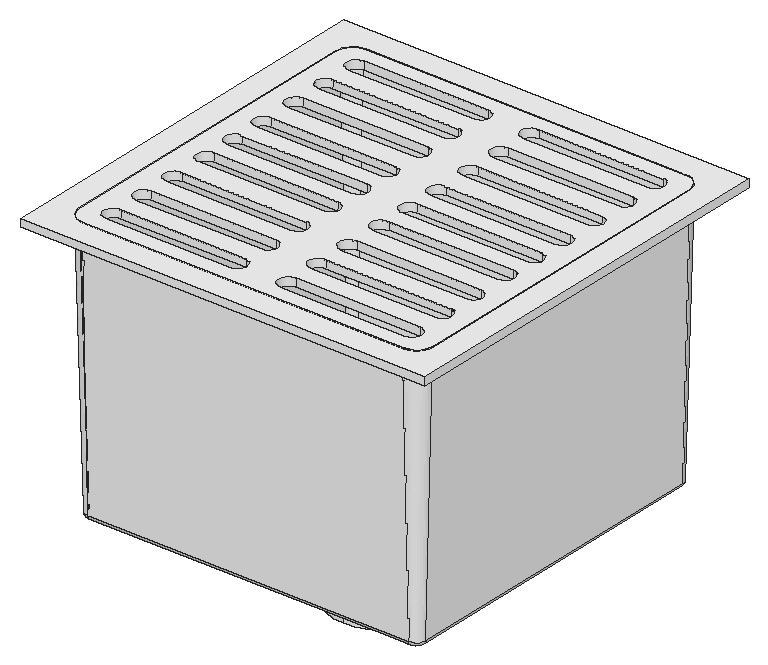
Revit family "FS730", category Plumbing Fixtures, host Face, Revit 2018
Family settings
  Host = Face
  Round Connector Dimension = Use Radius
  Part Type = Normal
  Cut with Voids When Loaded = No
  Shared = No
  Room Calculation Point = No
Parameters (values of type "PIPE SIZE_4" INSIDE CAULK (X) 10 5/8"")
  WFU = 0
  URL = "WWW.MIFAB.COM"
  Pipe Radius = Pipe Diameter / 2  # 0' - 1 1/2"
  Pipe Diameter = 0' - 3"
  Model = "FS730"
  Manufacturer = "MIFAB"
  Floor Drain Material = Paint - Sherwin Williams Paint - #952C2A - Bellwood Red
  Description = "12” x 12” 8” FLOOR AREA AND INDIRECT SANITARY WASTE DRAIN"
  Default Elevation = 0' - 0"
  CWFU = 0
  Body Height = 0' - 10 5/8"
  Assembly Code = ""
Types (10): name | Pipe Radius | Pipe Diameter | Body Height
  (no name) | 0' - 1 1/2" | 0' - 3" | 0' - 10 5/8"
  PIPE SIZE_2" NO HUB (STANDARD) 9 3/4" | 0' - 1" | 0' - 2" | 0' - 9 3/4"
  PIPE SIZE_3" NO HUB (STANDARD) 9 3/4" | 0' - 1 1/2" | 0' - 3" | 0' - 9 3/4"
  PIPE SIZE_4" NO HUB (STANDARD) 10 1/2" | 0' - 2" | 0' - 4" | 0' - 10 1/2"
  PIPE SIZE_2" PUSH ON (P) 10 7/8” | 0' - 1" | 0' - 2" | 0' - 10 7/8"
  PIPE SIZE_3" PUSH ON (P) 9 3/4” | 0' - 1 1/2" | 0' - 3" | 0' - 9 3/4"
  PIPE SIZE_4" PUSH ON (P) 10 7/8” | 0' - 2" | 0' - 4" | 0' - 10 7/8"
  PIPE SIZE_2" INSIDE CAULK (X) 12" | 0' - 1" | 0' - 2" | 1' - 0"
  PIPE SIZE_3" INSIDE CAULK (X) 12" | 0' - 1 1/2" | 0' - 3" | 1' - 0"
  PIPE SIZE_4" INSIDE CAULK (X) 10 5/8" | 0' - 1 1/2" | 0' - 3" | 0' - 10 5/8"
Reference planes (in)
  plane 1 "Center (Front/Back)": y = 0
  plane 2: z = 0
  plane 3 "Center (Left/Right)": x = 0
  plane 4: z = -3
  plane 5: z = -2.375
  plane 6: y = -1.5
  plane 7: y = 1.5
  plane 8: z = -8
  plane 9: z = -10.625
  plane 10: x = -6
  plane 11: x = 6
  plane 12: y = 6
  plane 13: y = -6
  plane 14: x = -5.25
  plane 15: x = 5.25
  plane 16: y = 5.25
  plane 17: y = -5.25
  plane 18: z = -0.23071
Forms (in)
  Revolve 1, solid, material "Paint - Sherwin Williams Paint - #952C2A - Bellwood Red" <- "Floor Drain Material"
    sketch origin (0, 0.04396, -2.375) x (0, 1, 0) y (0, 0, 1)
      loop
        line (-1.54396, -5.625) -> (-1.54396, -8.25) -> (-1.34474, -8.25) -> (-1.34474, -5.625) -> (-1.54396, -5.625)
      axis (-0.04396, -8.25) -> (-0.04396, -5.625)
    angle from 0 to 360
  Sweep 2, solid, material "Paint - Sherwin Williams Paint - #952C2A - Bellwood Red" <- "Floor Drain Material"
    path origin (0, 0, 0) x (1, 0, 0) y (0, 1, 0)
      loop
        arc (5.25, 4.75) -> (5.10355, 5.10355) -> (4.75, 5.25) r 0.5
        line (4.75, 5.25) -> (-4.75, 5.25)
        arc (-4.75, 5.25) -> (-5.10355, 5.10355) -> (-5.25, 4.75) r 0.5
        line (-5.25, 4.75) -> (-5.25, -4.75)
        arc (-5.25, -4.75) -> (-5.10355, -5.10355) -> (-4.75, -5.25) r 0.5
        line (-4.75, -5.25) -> (4.75, -5.25)
        arc (4.75, -5.25) -> (5.10355, -5.10355) -> (5.25, -4.75) r 0.5
        line (5.25, -4.75) -> (5.25, 4.75)
    profile origin (5.25, 0, 0) x (1, 0, 0) y (0, 0, 1)
      loop
        line (0.00022, -0.23071) -> (-0.118, -0.23071) -> (-0.32165, -7.81911)
        arc (-0.32165, -7.81911) -> (-0.34114, -7.86362) -> (-0.38616, -7.88191) r 0.06454
        line (-0.38616, -7.88191) -> (-0.49037, -7.88191) -> (-0.49037, -8) -> (-0.31985, -8)
        arc (-0.31985, -8) -> (-0.23991, -7.96751) -> (-0.20529, -7.88847) r 0.1146
        line (-0.20529, -7.88847) -> (0.00022, -0.23071)
  Extrusion 3, solid, material "Paint - Sherwin Williams Paint - #952C2A - Bellwood Red" <- "Floor Drain Material"
    sketch origin (0, 0, 0) x (1, 0, 0) y (0, 1, 0)
      loop
        line (-6, 6) -> (-6, -6) -> (6, -6) -> (6, 6) -> (-6, 6)
      loop
        arc (-4.75, 5.25) -> (-5.10371, 5.10371) -> (-5.25, 4.75) r 0.50022
        line (-5.25, 4.75) -> (-5.25022, -4.75)
        arc (-5.25022, -4.75) -> (-5.10371, -5.10371) -> (-4.75, -5.25) r 0.50022
        line (-4.75, -5.25) -> (4.75, -5.25022)
        arc (4.75, -5.25022) -> (5.10371, -5.10371) -> (5.25, -4.75) r 0.50022
        line (5.25, -4.75) -> (5.25022, 4.75)
        arc (5.25022, 4.75) -> (5.10371, 5.10371) -> (4.75, 5.25) r 0.50022
        line (4.75, 5.25) -> (-4.75, 5.25)
    from -0.23071 to 0
  Extrusion 4, solid, material "Paint - Sherwin Williams Paint - #952C2A - Bellwood Red" <- "Floor Drain Material"
    sketch origin (0, 0, 0) x (1, 0, 0) y (0, 1, 0)
      loop
        line (-4.75963, -4.75963) -> (4.75963, -4.75963) -> (4.75963, 4.75963) -> (-4.75963, 4.75963) -> (-4.75963, -4.75963)
    from -8 to -7.88191
Lines and regions (in)
  model lines, not visible
    curve 1: line (6.7156, 0, 9.07611) -> (12.5156, 0, 9.07611)
    curve 2: line (12.5156, 0, 9.07611) -> (12.5156, 0, 10.82611)
    curve 3: line (12.5156, 0, 10.82611) -> (6.7156, 0, 10.82611)
    curve 4: line (6.7156, 0, 10.82611) -> (6.7156, 0, 9.07611)
    curve 5: line (7.13163, 0, 10.86539) -> (7.13163, 0, 12.86539)
    curve 6: line (7.13163, 0, 12.86539) -> (15.53163, 0, 12.86539)
    curve 7: line (15.53163, 0, 12.86539) -> (15.53163, 0, 10.86539)
    curve 8: line (11.33163, 0, 12.86539) -> (11.33163, 0, 12.36539)
    curve 9: line (10.38306, 10.17879, 0) -> (10.38306, 12.67879, 0)
    curve 10: line (10.38306, 12.67879, 0) -> (20.88306, 12.67879, 0)
    curve 11: line (20.88306, 12.67879, 0) -> (20.88306, 10.17879, 0)
    curve 12: line (15.63306, 12.67879, 0) -> (15.63306, 10.92879, 0)
Dimensions and locks (in)
  equal spacing: plane 7, plane 1 "Center (Front/Back)", plane 6
  "Pipe Diameter": plane 7 to plane 6
  "Pipe Radius": plane 1 "Center (Front/Back)" to plane 6
  plane 2 to plane 9 = 0' - 10 5/8"
  locked: level to plane 8 at 8
  equal spacing: plane 10, plane 3 "Center (Left/Right)", plane 11
  plane 10 to plane 11 = 1' - 0"
  equal spacing: plane 12, plane 1 "Center (Front/Back)", plane 13
  plane 12 to plane 13 = 1' - 0"
  equal spacing: plane 14, plane 3 "Center (Left/Right)", plane 15
  plane 14 to plane 15 = 0' - 10 1/2"
  equal spacing: plane 17, plane 1 "Center (Front/Back)", plane 16
  plane 17 to plane 16 = 0' - 10 1/2"
  locked: plane 2 to plane 18 at 0.23071
  "Body Height": plane 2 to plane 9
  aligned and locked: plane 2 to host face
  aligned and locked: level to host face
  aligned and locked: Revolve 1 sketch curve to plane 9
  aligned and locked: Revolve 1 sketch curve to plane 8
  aligned and locked: plane 15 to Sweep 2 sketch curve
  aligned and locked: Sweep 2 sketch curve to plane 16
  aligned and locked: Sweep 2 sketch curve to plane 14
  aligned and locked: plane 17 to Sweep 2 sketch curve
  aligned and locked: plane 12 to Extrusion 3 sketch curve
  aligned and locked: plane 10 to Extrusion 3 sketch curve
  aligned and locked: plane 13 to Extrusion 3 sketch curve
  aligned and locked: plane 11 to Extrusion 3 sketch curve
  aligned and locked: Extrusion 3 sketch curve to Sweep 2  (x4)
  aligned and locked: plane 18 to Sweep 2 sketch curve
  aligned and locked: Extrusion 3 to Sweep 2
  aligned and locked: level to Extrusion 3
  aligned and locked: Sweep 2 sketch curve to plane 8
  aligned and locked: Extrusion 4 to Revolve 1
  aligned and locked: Sweep 2 to Extrusion 4
  aligned and locked: Extrusion 4 sketch curve to Sweep 2  (x4)
  aligned and locked: plane 1 "Center (Front/Back)" to nested 1
  aligned and locked: plane 3 "Center (Left/Right)" to nested 1
  aligned and locked: plane 2 to Extrusion 3
Automatic sketch dimensions
  host sketch curve to host sketch curve = 8' - 0"  (x2)
  curve 5 to curve 7 = 0' - 8.4"
  curve 5 to curve 8 = 0' - 4.2"
  curve 5 to curve 5 = 0' - 2"
  curve 7 to curve 6 = 0' - 2"
  curve 8 to curve 8 = 0' - 0 1/2"
  Revolve 1 sketch curve to plane 6 = 0' - 0"
  Revolve 1 sketch curve to plane 1 "Center (Front/Back)" = 0' - 0"
  Revolve 1 sketch curve to plane 6 = 0' - 0 51/256"
  plane 9 to Revolve 1 sketch curve = 0' - 0 1/8"
  Revolve 1 sketch curve to plane 8 = 0' - 1 1/4"
  plane 14 to Sweep 2 sketch curve = 0' - 0 1/2"  (x2)
  Sweep 2 sketch curve to Sweep 2 sketch curve = 0' - 0 1/2"  (x2)
  Extrusion 3 sketch curve to plane 16 = 0' - 0"
  Extrusion 3 sketch curve to plane 17 = 0' - 0"
  Extrusion 3 sketch curve to plane 14 = 0' - 0"
  Extrusion 3 sketch curve to plane 15 = 0' - 0"
  plane 10 to Extrusion 3 sketch curve = 0' - 1 1/4"  (x2)
  plane 11 to Extrusion 3 sketch curve = 0' - 1 1/4"  (x2)
  plane 13 to Extrusion 3 sketch curve = 0' - 1 1/4"  (x2)
  plane 12 to Extrusion 3 sketch curve = 0' - 1 1/4"  (x2)
  profile plane to Sweep 2 sketch curve = 0' - 0.49037"
  Sweep 2 sketch curve to Sweep 2 sketch curve = 0' - 0.1042"
  Sweep 2 sketch curve to Sweep 2 sketch curve = 0' - 0.06451"
  Sweep 2 sketch curve to Sweep 2 sketch curve = 0' - 0.06631"
  Sweep 2 sketch curve to Sweep 2 sketch curve = 0' - 0.11456"
  profile plane to Sweep 2 sketch curve = 0' - 0.118"
  Sweep 2 sketch curve to profile plane = 0' - 0.00022"
  Sweep 2 sketch curve to Sweep 2 sketch curve = 0' - 0.11153"
  Sweep 2 sketch curve to Sweep 2 sketch curve = 0' - 0.11809"
  Sweep 2 sketch curve to Sweep 2 sketch curve = 0' - 0.06629"
Nested families (in)
  nested 1: "Jali-1" at (0, 0, 0), type "Jali-1"
Connectors (in)
  piping at (0, 0, -10.625), diameter 3, driven by "Pipe Radius", driven by "WFU"
    settings: on Revolve 1, index 2, connector inside diameter 2", connector length 0' - 0", flow factor 0, pipe flow 0 GPM, pressure drop 0.00 psi, fitting loss kfactor 0, connector angle 0.00°, fixture units 0, engagement length 0' - 0", angle of deflection 0.00°, flow configuration 3, flow direction 2, fitting loss method 0, system type 16, joint type 0, gender type 0, connector reference index -1, connector utility 0, adjustable connector no, is connector primary yes, connector description "Sanitary Out"
Definition of nested family "Jali-1"
  Parameters (values of type "Jali-1")
    Material = none
    Floor Drain Material = none
  Reference planes (in)
    plane 1 "Center (Front/Back)": y = 0
    plane 2: z = 0
    plane 3 "Center (Left/Right)": x = 0
  Forms (in)
    Extrusion 1, solid, material <- "Floor Drain Material"
      sketch origin (0, 0, 0) x (1, 0, 0) y (0, 1, 0)
        loop
          line (-5.25022, 4.75) -> (-5.25022, -4.75)
          arc (-5.25022, -4.75) -> (-5.10371, -5.10371) -> (-4.75, -5.25022) r 0.50022
          line (-4.75, -5.25022) -> (4.75, -5.25022)
          arc (4.75, -5.25022) -> (5.10371, -5.10371) -> (5.25022, -4.75) r 0.50022
          line (5.25022, -4.75) -> (5.25022, 4.75)
          arc (5.25022, 4.75) -> (5.10371, 5.10371) -> (4.75, 5.25022) r 0.50022
          line (4.75, 5.25022) -> (-4.75, 5.25022)
          arc (-4.75, 5.25022) -> (-5.10371, 5.10371) -> (-5.25022, 4.75) r 0.50022
        loop
          arc (0.74767, 0.28125) -> (0.46642, 0) -> (0.74767, -0.28125) r 0.28125
          line (0.74767, -0.28125) -> (4.43866, -0.28125)
          arc (4.43866, -0.28125) -> (4.71991, 0) -> (4.43866, 0.28125) r 0.28125
          line (4.43866, 0.28125) -> (0.74767, 0.28125)
        loop
          arc (0.74767, 1.34375) -> (0.46642, 1.0625) -> (0.74767, 0.78125) r 0.28125
          line (0.74767, 0.78125) -> (4.43866, 0.78125)
          arc (4.43866, 0.78125) -> (4.71991, 1.0625) -> (4.43866, 1.34375) r 0.28125
          line (4.43866, 1.34375) -> (0.74767, 1.34375)
        loop
          arc (0.74767, 2.53125) -> (0.46642, 2.25) -> (0.74767, 1.96875) r 0.28125
          line (0.74767, 1.96875) -> (4.43866, 1.96875)
          arc (4.43866, 1.96875) -> (4.71991, 2.25) -> (4.43866, 2.53125) r 0.28125
          line (4.43866, 2.53125) -> (0.74767, 2.53125)
        loop
          arc (0.74767, 3.65625) -> (0.46642, 3.375) -> (0.74767, 3.09375) r 0.28125
          line (0.74767, 3.09375) -> (4.43866, 3.09375)
          arc (4.43866, 3.09375) -> (4.71991, 3.375) -> (4.43866, 3.65625) r 0.28125
          line (4.43866, 3.65625) -> (0.74767, 3.65625)
        loop
          arc (0.74767, 4.78125) -> (0.46642, 4.5) -> (0.74767, 4.21875) r 0.28125
          line (0.74767, 4.21875) -> (4.43866, 4.21875)
          arc (4.43866, 4.21875) -> (4.71991, 4.5) -> (4.43866, 4.78125) r 0.28125
          line (4.43866, 4.78125) -> (0.74767, 4.78125)
        loop
          line (0.74767, -1.34375) -> (4.43866, -1.34375)
          arc (4.43866, -1.34375) -> (4.71991, -1.0625) -> (4.43866, -0.78125) r 0.28125
          line (4.43866, -0.78125) -> (0.74767, -0.78125)
          arc (0.74767, -0.78125) -> (0.46642, -1.0625) -> (0.74767, -1.34375) r 0.28125
        loop
          line (0.74767, -2.53125) -> (4.43866, -2.53125)
          arc (4.43866, -2.53125) -> (4.71991, -2.25) -> (4.43866, -1.96875) r 0.28125
          line (4.43866, -1.96875) -> (0.74767, -1.96875)
          arc (0.74767, -1.96875) -> (0.46642, -2.25) -> (0.74767, -2.53125) r 0.28125
        loop
          line (0.74767, -3.65625) -> (4.43866, -3.65625)
          arc (4.43866, -3.65625) -> (4.71991, -3.375) -> (4.43866, -3.09375) r 0.28125
          line (4.43866, -3.09375) -> (0.74767, -3.09375)
          arc (0.74767, -3.09375) -> (0.46642, -3.375) -> (0.74767, -3.65625) r 0.28125
        loop
          line (0.74767, -4.78125) -> (4.43866, -4.78125)
          arc (4.43866, -4.78125) -> (4.71991, -4.5) -> (4.43866, -4.21875) r 0.28125
          line (4.43866, -4.21875) -> (0.74767, -4.21875)
          arc (0.74767, -4.21875) -> (0.46642, -4.5) -> (0.74767, -4.78125) r 0.28125
        loop
          line (-0.74767, 0.28125) -> (-4.43866, 0.28125)
          arc (-4.43866, 0.28125) -> (-4.71991, 0) -> (-4.43866, -0.28125) r 0.28125
          line (-4.43866, -0.28125) -> (-0.74767, -0.28125)
          arc (-0.74767, -0.28125) -> (-0.46642, 0) -> (-0.74767, 0.28125) r 0.28125
        loop
          line (-0.74767, 1.34375) -> (-4.43866, 1.34375)
          arc (-4.43866, 1.34375) -> (-4.71991, 1.0625) -> (-4.43866, 0.78125) r 0.28125
          line (-4.43866, 0.78125) -> (-0.74767, 0.78125)
          arc (-0.74767, 0.78125) -> (-0.46642, 1.0625) -> (-0.74767, 1.34375) r 0.28125
        loop
          line (-0.74767, 2.53125) -> (-4.43866, 2.53125)
          arc (-4.43866, 2.53125) -> (-4.71991, 2.25) -> (-4.43866, 1.96875) r 0.28125
          line (-4.43866, 1.96875) -> (-0.74767, 1.96875)
          arc (-0.74767, 1.96875) -> (-0.46642, 2.25) -> (-0.74767, 2.53125) r 0.28125
        loop
          line (-0.74767, 3.65625) -> (-4.43866, 3.65625)
          arc (-4.43866, 3.65625) -> (-4.71991, 3.375) -> (-4.43866, 3.09375) r 0.28125
          line (-4.43866, 3.09375) -> (-0.74767, 3.09375)
          arc (-0.74767, 3.09375) -> (-0.46642, 3.375) -> (-0.74767, 3.65625) r 0.28125
        loop
          line (-0.74767, 4.78125) -> (-4.43866, 4.78125)
          arc (-4.43866, 4.78125) -> (-4.71991, 4.5) -> (-4.43866, 4.21875) r 0.28125
          line (-4.43866, 4.21875) -> (-0.74767, 4.21875)
          arc (-0.74767, 4.21875) -> (-0.46642, 4.5) -> (-0.74767, 4.78125) r 0.28125
        loop
          arc (-0.74767, -1.34375) -> (-0.46642, -1.0625) -> (-0.74767, -0.78125) r 0.28125
          line (-0.74767, -0.78125) -> (-4.43866, -0.78125)
          arc (-4.43866, -0.78125) -> (-4.71991, -1.0625) -> (-4.43866, -1.34375) r 0.28125
          line (-4.43866, -1.34375) -> (-0.74767, -1.34375)
        loop
          arc (-0.74767, -2.53125) -> (-0.46642, -2.25) -> (-0.74767, -1.96875) r 0.28125
          line (-0.74767, -1.96875) -> (-4.43866, -1.96875)
          arc (-4.43866, -1.96875) -> (-4.71991, -2.25) -> (-4.43866, -2.53125) r 0.28125
          line (-4.43866, -2.53125) -> (-0.74767, -2.53125)
        loop
          arc (-0.74767, -3.65625) -> (-0.46642, -3.375) -> (-0.74767, -3.09375) r 0.28125
          line (-0.74767, -3.09375) -> (-4.43866, -3.09375)
          arc (-4.43866, -3.09375) -> (-4.71991, -3.375) -> (-4.43866, -3.65625) r 0.28125
          line (-4.43866, -3.65625) -> (-0.74767, -3.65625)
        loop
          arc (-0.74767, -4.78125) -> (-0.46642, -4.5) -> (-0.74767, -4.21875) r 0.28125
          line (-0.74767, -4.21875) -> (-4.43866, -4.21875)
          arc (-4.43866, -4.21875) -> (-4.71991, -4.5) -> (-4.43866, -4.78125) r 0.28125
          line (-4.43866, -4.78125) -> (-0.74767, -4.78125)
      from -0.23071 to 0
  Dimensions and locks (in)
    aligned and locked: level to plane 2
